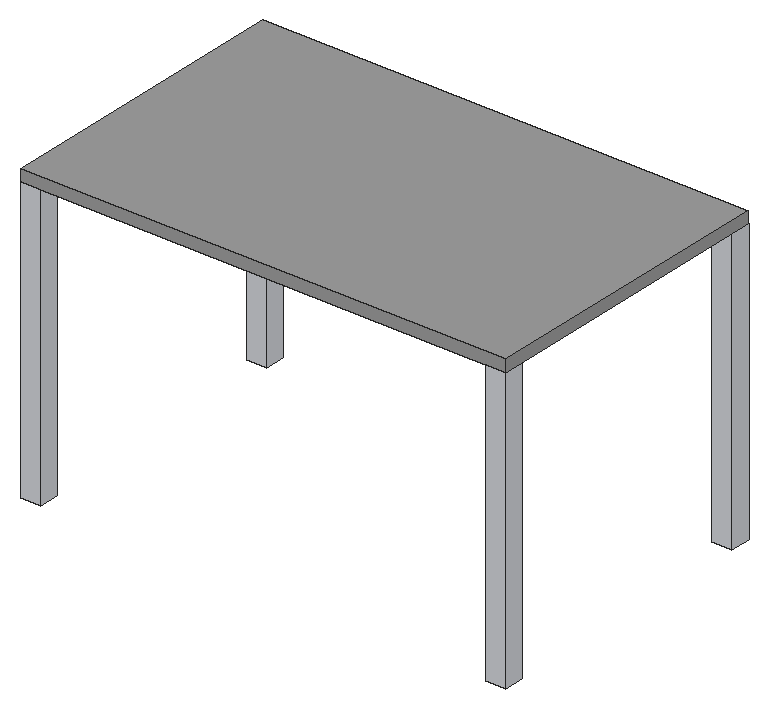
Revit family "Mesa_Trabalho", category Furniture, Revit 2025
Family settings
  OmniClass Number = 23.40.70.14.64.11
  OmniClass Title = Office Furniture
  Work Plane-Based = No
  Enable Cutting in Views = No
  Always vertical = Yes
  Cut with Voids When Loaded = No
  Render Appearance Source = Family Geometry
  Shared = No
  Room Calculation Point = Yes
Parameters (values of type "Mesa_180x75x90")
  altura = 0.730 m
  Default Elevation = 0.000 m
  Cost = 0
  URL = ""
  Model = ""
  Manufacturer = ""
  Description = ""
  Assembly Code = ""
  largura = 1.200 m
  profundidade = 0.750 m
Reference planes (m)
  plane 1 "Bottom": z = 0
  plane 2 "Z Origin": z = 0
  plane 3 "Center (Left/Right)": x = -0.449263
  plane 4 "Center (Front/Back)": y = 0.06985
  plane 5 "Left": x = -1.049263
  plane 6 "Right": x = 0.150737
  plane 7 "Back": y = 0.44485
  plane 8 "Front": y = -0.30515
  plane 9 "Top": z = 0.73
  plane 10 "Post Top": z = 0.7
Forms (m)
  Extrusion 1, solid, material "Default"
    sketch origin (0, 0.073422, 0) x (-1, 0, 0) y (0, 0, 1)
      loop
        line (1.049263, 0.73) -> (-0.150737, 0.73) -> (-0.150737, 0.7) -> (1.049263, 0.7) -> (1.049263, 0.73)
    from -0.378572 to 0.371428
  Extrusion 2, solid
    sketch origin (0, 0, 0) x (1, 0, 0) y (0, 1, 0)
      loop
        line (-1.049263, -0.30515) -> (-0.999263, -0.30515) -> (-0.999263, -0.25515) -> (-1.049263, -0.25515) -> (-1.049263, -0.30515)
    from 0 to 0.7
  Extrusion 3, solid
    sketch origin (-0.898525, 0, 0) x (-1, 0, 0) y (0, -1, 0)
      loop
        line (-1.049263, 0.30515) -> (-1.049263, 0.25515) -> (-0.999263, 0.25515) -> (-0.999263, 0.30515) -> (-1.049263, 0.30515)
    from 0 to 0.7
  Extrusion 4, solid
    sketch origin (0, 0.1397, 0) x (1, 0, 0) y (0, 1, 0)
      loop
        line (-1.049263, 0.30515) -> (-1.049263, 0.25515) -> (-0.999263, 0.25515) -> (-0.999263, 0.30515) -> (-1.049263, 0.30515)
    from 0 to 0.7
  Extrusion 5, solid
    sketch origin (-0.898525, 0.1397, 0) x (-1, 0, 0) y (0, -1, 0)
      loop
        line (-1.049263, -0.30515) -> (-0.999263, -0.30515) -> (-0.999263, -0.25515) -> (-1.049263, -0.25515) -> (-1.049263, -0.30515)
    from 0 to 0.7
Lines and regions (m)
  Masking region 1
    outline origin (0, 0, 0.73) x (-1, 0, 0) y (0, -1, 0)
      loop
        line (1.049263, -0.44485) -> (1.049263, 0.30515) -> (-0.150737, 0.30515) -> (-0.150737, -0.44485) -> (1.049263, -0.44485)
  Masking region 2
    outline origin (0, 0.44485, 0) x (-1, 0, 0) y (0, 0, 1)
      loop
        line (1.049263, 0.73) -> (-0.150737, 0.73) -> (-0.150737, 0.7) -> (1.049263, 0.7) -> (1.049263, 0.73)
  Masking region 3
    outline origin (-0.449263, 0.09525, 2.1336) x (0, -1, 0) y (0, 0, 1)
      loop
        line (-0.3496, -1.4036) -> (-0.3496, -1.4336) -> (0.4004, -1.4336) -> (0.4004, -1.4036) -> (-0.3496, -1.4036)
Dimensions and locks (m)
  equal spacing: plane 5 "Left", plane 3 "Center (Left/Right)", plane 6 "Right"
  "largura": plane 5 "Left" to plane 6 "Right"
  equal spacing: plane 7 "Back", plane 4 "Center (Front/Back)", plane 8 "Front"
  "altura": plane 9 "Top" to level
  plane 9 "Top" to plane 10 "Post Top" = 0.030 m
  aligned and locked: plane 1 "Bottom" to plane 2 "Z Origin"
  aligned and locked: plane 9 "Top" to Extrusion 1 sketch curve
  aligned and locked: plane 5 "Left" to Extrusion 1 sketch curve
  aligned and locked: Extrusion 1 sketch curve to plane 6 "Right"
  aligned and locked: Extrusion 1 to plane 8 "Front"
  aligned and locked: plane 7 "Back" to Extrusion 1
  aligned and locked: Extrusion 1 to plane 6 "Right"
  aligned and locked: plane 5 "Left" to Extrusion 1
  aligned and locked: Masking region 1 sketch curve to Extrusion 1  (x3)
  aligned and locked: Masking region 2 sketch curve to Extrusion 1  (x3)
  aligned and locked: Masking region 3 sketch curve to Extrusion 1  (x4)
  aligned and locked: Extrusion 1 to plane 10 "Post Top"
  aligned and locked: Extrusion 2 to Extrusion 1  (x3)
Automatic sketch dimensions
  Extrusion 1 sketch curve to plane 10 "Post Top" = 0.000 m
  Masking region 1 sketch curve to plane 5 "Left" = 0.000 m
  plane 6 "Right" to Masking region 2 sketch curve = 0.000 m
  Extrusion 2 sketch curve to plane 5 "Left" = 0.000 m
  Extrusion 2 sketch curve to plane 8 "Front" = 0.000 m
  Extrusion 2 sketch curve to Extrusion 2 sketch curve = 0.050 m  (x2)
  Extrusion 3 sketch curve to plane 6 "Right" = 0.000 m
  Extrusion 3 sketch curve to plane 8 "Front" = 0.000 m
  plane 6 "Right" to Extrusion 3 sketch curve = 0.050 m
  Extrusion 3 sketch curve to Extrusion 3 sketch curve = 0.050 m
  Extrusion 4 sketch curve to plane 5 "Left" = 0.000 m
  Extrusion 4 sketch curve to plane 7 "Back" = 0.000 m
  Extrusion 4 sketch curve to Extrusion 4 sketch curve = 0.050 m  (x2)
  Extrusion 5 sketch curve to plane 6 "Right" = 0.000 m
  Extrusion 5 sketch curve to plane 7 "Back" = 0.000 m
  plane 6 "Right" to Extrusion 5 sketch curve = 0.050 m
  Extrusion 5 sketch curve to Extrusion 5 sketch curve = 0.050 m
